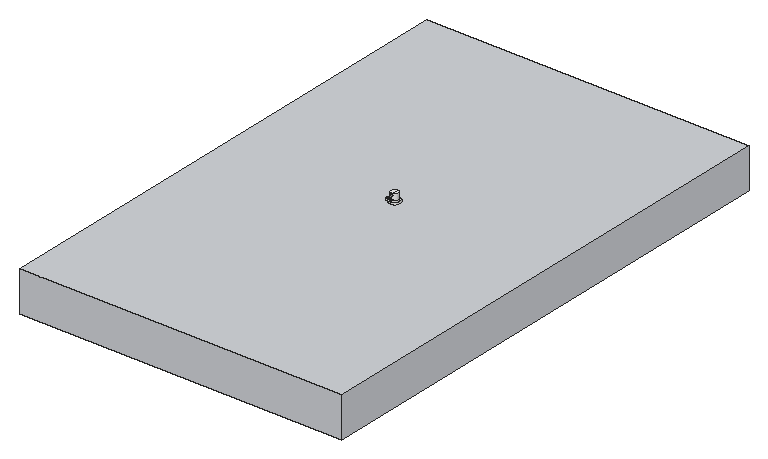
Revit family "Diverter_Trim-Grohe-Essence-29203_Series", category Plumbing Fixtures, host Face, Revit 2019
Family settings
  Host = Face
  Round Connector Dimension = Use Diameter
  Part Type = Normal
  OmniClass Number = 23.45.05.14.17
  OmniClass Title = Showers
  Cut with Voids When Loaded = No
  Shared = Yes
  Room Calculation Point = No
Parameters (values of type "29203001")
  Width = 3 1/8"
  Waste Connection = no
  Warranty Documentation Link = "https://cdn.cloud.grohe.com/tpi/1000/1900/1940/1949/1949006/original/1949006.pdf"
  WFU = 4  # constant formula
  Vent Connection = no
  URL = "https://www.grohe.us/"
  Type Comments = ""
  Tempered Connection Radius = Tempered Connection Diameter / 2  # 1/4"
  Tempered Connection Diameter = Hot Water Connection Diameter  # 1/2"
  Product Page URL = "https://www.grohe.us/Bath-Shower-Trim-Kits/Essence-3-Way-Diverter-Trim/CHROME-29203001"
  Product Documentation Link = "https://americanstandard.box.com/shared/static/0hylcjgl21bf97zv1kwsclqjvhpw0xq1.pdf"
  Price = "Prices may vary. Please consult Manufacturer Representative for most up-to-date price list."  # constant formula
  Model = "29203001"
  Material = "Metal-Grohe-001-StarLight Chrome"
  Manufacturer = "Grohe"
  Length = 2 5/8"
  Installation Type = "Wall Mounted"
  Hot Water Connection Radius = Hot Water Connection Diameter / 2  # 1/4"
  Hot Water Connection Diameter = Cold Water Connection Diameter  # 1/2"
  HWFU = 3  # constant formula
  HW Connection = yes
  Flow Rate = ""
  Finish = Metal-Grohe-001-StarLight Chrome
  Description = "Essence 3-Way Diverter"  # constant formula
  Default Elevation = 44"  # constant formula
  Creation Date = "09/05/2019"  # constant formula
  Cold Water Connection Radius = 1/4"  # constant formula
  Cold Water Connection Diameter = Cold Water Connection Radius * 2  # 1/2"
  CWFU = 3  # constant formula
  CW Connection = yes
  Assembly Code = "D2010710"
  ADA Compliant = no
Types (2): name | URL | Product Page URL | Product Documentation Link | Model | Material | Finish
  29203001 | "https://www.grohe.us/" | "https://www.grohe.us/Bath-Shower-Trim-Kits/Essence-3-Way-Diverter-Trim/CHROME-29203001" | "https://americanstandard.box.com/shared/static/0hylcjgl21bf97zv1kwsclqjvhpw0xq1.pdf" | "29203001" | "Metal-Grohe-001-StarLight Chrome" | Metal-Grohe-001-StarLight Chrome
  29203EN1 | "https://www.grohe.us/en_us/" | "https://www.grohe.us/Bath-Shower-Trim-Kits/Essence-3-Way-Diverter-Trim/BRUSHED-NICKEL-29203EN1" | "https://americanstandard.box.com/shared/static/suxdrja15s53bws6knximn3ouhcxz3ov.pdf" | "29203EN1" | "Metal-Grohe-EN1-Brushed Nickel" | Metal-Grohe-EN1-Brushed Nickel
Reference planes (in)
  plane 1 "Center (Front/Back)": y = 0
  plane 2: z = 0
  plane 3 "Center (Left/Right)": x = 0
  plane 4: y = -1.5625
  plane 5: y = 1.5625
  plane 6: z = 0.3125
  plane 7: z = 2.375
  plane 8: y = -3.1875
Forms (in)
  Extrusion 1, solid
    sketch origin (0, 0, 0) x (1, 0, 0) y (0, 1, 0)
      loop
        line (-48, 72) -> (-48, -79.70833) -> (48, -79.70833) -> (48, 72) -> (-48, 72)
    from 0 to -12
  Revolve 2, solid, material "Metal-Grohe-001-StarLight Chrome" <- "Finish"
    sketch origin (0, 0, 0) x (0, 1, 0) y (0, 0, 1)
      loop
        line (1.5625, 0) -> (1.5625, 0.3125)
        arc (1.5625, 0.3125) -> (1.29254, 0.31693) -> (1.02258, 0.32051) r 87.07732
        line (1.02258, 0.32051) -> (1.02258, 0.76334) -> (0.93125, 0.76334) -> (0.90171, 0.82667) -> (0.99841, 0.82667) -> (1.02258, 0.85084) -> (1.02258, 2.375) -> (0, 2.375) -> (0, 0) -> (1.5625, 0)
      axis (0, 2.375) -> (0, 0)
    angle from 0 to 360
  Extrusion 3, solid, material "Metal-Grohe-001-StarLight Chrome" <- "Finish"
    sketch origin (0, 0, 0) x (1, 0, 0) y (0, 1, 0)
      loop
        circle (-0.49522, 0) r 0.25
      loop
        circle (0.49522, 0) r 0.25
    from 0 to 0.0625
  Revolve 4, solid, material "Metal-Grohe-001-StarLight Chrome" <- "Finish"
    sketch origin (0, 0, -0.0625) x (0, 1, 0) y (0, 0, 1)
      loop
        line (0, 2.15482) -> (-2.21601, 2.15482)
        arc (-2.21601, 2.15482) -> (-2.34387, 2.16601) -> (-2.46785, 2.19923) r 0.73632
        line (-2.46785, 2.19923) -> (-2.51666, 2.21699)
        arc (-2.51666, 2.21699) -> (-2.61983, 2.24464) -> (-2.72623, 2.25395) r 0.61274
        line (-2.72623, 2.25395) -> (-3.16703, 2.25395)
        arc (-3.16703, 2.25395) -> (-3.18151, 2.24795) -> (-3.1875, 2.23348) r 0.02047
        line (-3.1875, 2.23348) -> (-3.1875, 2.01957) -> (0, 2.01957) -> (0, 2.15482)
      axis (-3.1875, 2.01957) -> (0, 2.01957)
    angle from 0 to 360
  Extrusion 5, solid, not visible
    sketch origin (0, 0, 0) x (0, 1, 0) y (0, 0, 1)
      loop
        circle (0, -0.63262) r 0.25
    from -1.4215 to 1.47216
  Extrusion 6, solid, not visible
    sketch origin (0, 0, 0) x (1, 0, 0) y (0, 0, 1)
      loop
        circle (0, -0.63262) r 0.25
    from -1.4215 to 1.47216
Cuts and joins
  joined: Revolve 2, Extrusion 3, Revolve 4
Lines and regions (in)
  Masking region 1
    outline origin (0, 0, 0) x (1, 0, 0) y (0, 0, 1)
      loop
        line (-1.02258, 2.375) -> (-1.02258, 0.85084) -> (-0.99841, 0.82667) -> (-0.90171, 0.82667) -> (-0.93125, 0.76334) -> (-1.02258, 0.76334) -> (-1.02258, 0.32051) -> (-1.5625, 0.3125) -> (-1.5625, 0) -> (1.5625, 0) -> (1.5625, 0.3125) -> (1.02258, 0.32051) -> (1.02258, 0.76334) -> (0.93125, 0.76334) -> (0.90171, 0.82667) -> (0.99841, 0.82667) -> (1.02258, 0.85084) -> (1.02258, 2.375) -> (-1.02258, 2.375)
  symbolic lines, detail levels medium+fine
    curve 1: line (1.02258, 0, 0.32051) -> (-1.02258, 0, 0.32051)
  symbolic lines, detail levels fine
    curve 2: line (0.93125, 0, 0.76334) -> (-0.93125, 0, 0.76334)
    curve 3: line (0.90171, 0, 0.82667) -> (-0.90171, 0, 0.82667)
    curve 4: line (1.02258, 0, 0.85084) -> (-1.02258, 0, 0.85084)
Dimensions and locks (in)
  plane 5 to plane 4 = 3 1/8"
  plane 5 to plane 8 = 4 3/4"
  "Hot Water Connection Diameter": diameter of Extrusion 3 sketch curve
  "Cold Water Connection Diameter": diameter of Extrusion 3 sketch curve
  aligned and locked: plane 2 to Extrusion 1
  aligned and locked: level to Extrusion 1
Automatic sketch dimensions
  Extrusion 1 sketch curve to Extrusion 1 sketch curve = 96"
  Extrusion 1 sketch curve to Extrusion 1 sketch curve = 151.70833"
  plane 1 "Center (Front/Back)" to Extrusion 3 sketch curve = 0"  (x2)
  Extrusion 3 sketch curve to plane 3 "Center (Left/Right)" = 0.49522"
  plane 3 "Center (Left/Right)" to Extrusion 3 sketch curve = 0.49522"
  Revolve 2 sketch curve to plane 1 "Center (Front/Back)" = 0"  (x2)
  Revolve 2 sketch curve to level = 0"
  Revolve 2 sketch curve to plane 7 = 0"
  Revolve 2 sketch curve to plane 5 = 0"
  Revolve 2 sketch curve to plane 6 = 0"
  Revolve 2 sketch curve to plane 1 "Center (Front/Back)" = 0.0002"
  Revolve 2 sketch curve to plane 5 = 0.66079"
  Revolve 2 sketch curve to Revolve 2 sketch curve = 0.02953"
  Revolve 2 sketch curve to Revolve 2 sketch curve = 0.06716"
  plane 6 to Revolve 2 sketch curve = 0.00801"
  Revolve 2 sketch curve to Revolve 2 sketch curve = 0.53992"
  Revolve 2 sketch curve to plane 5 = 0.53992"
  plane 6 to Revolve 2 sketch curve = 0.45084"
  Revolve 2 sketch curve to Revolve 2 sketch curve = 0.06333"
  Revolve 2 sketch curve to Revolve 2 sketch curve = 0.02417"
  Revolve 2 sketch curve to Revolve 2 sketch curve = 1/4"
  Revolve 2 sketch curve to Revolve 2 sketch curve = 1.73102"
  Revolve 4 sketch curve to plane 8 = 0"
  Revolve 4 sketch curve to plane 1 "Center (Front/Back)" = 0"
  Revolve 4 sketch curve to Revolve 4 sketch curve = 0.02047"
  Revolve 4 sketch curve to plane 8 = 0.46127"
  Revolve 4 sketch curve to Revolve 4 sketch curve = 0.20957"
  Revolve 4 sketch curve to Revolve 4 sketch curve = 0.04881"
  plane 4 to Revolve 4 sketch curve = 0.65351"
  level to Revolve 4 sketch curve = 1.5787"
  Revolve 4 sketch curve to Revolve 4 sketch curve = 0.37837"
  Revolve 4 sketch curve to Revolve 4 sketch curve = 0.51362"
  Revolve 4 sketch curve to Revolve 4 sketch curve = 0.04441"
  Revolve 4 sketch curve to Revolve 4 sketch curve = 0.01777"
  Revolve 4 sketch curve to Revolve 4 sketch curve = 0.07472"
  Revolve 4 sketch curve to Revolve 4 sketch curve = 0.02825"
  Revolve 4 sketch curve to Revolve 4 sketch curve = 0.17966"
  Extrusion 5 sketch curve to plane 1 "Center (Front/Back)" = 0"
  Extrusion 5 sketch curve to level = 0.63262"
  Extrusion 6 sketch curve to plane 3 "Center (Left/Right)" = 0"
  Extrusion 6 sketch curve to level = 0.63262"
  Masking region 1 sketch curve to level = 0"
  Masking region 1 sketch curve to plane 3 "Center (Left/Right)" = 1 9/16"
  level to Masking region 1 sketch curve = 0.32051"  (x2)
  Masking region 1 sketch curve to Masking region 1 sketch curve = 0.53992"  (x2)
  Masking region 1 sketch curve to Masking region 1 sketch curve = 0"
  Masking region 1 sketch curve to Masking region 1 sketch curve = 0.02417"  (x4)
  Masking region 1 sketch curve to Masking region 1 sketch curve = 0.09133"  (x2)
  Masking region 1 sketch curve to Masking region 1 sketch curve = 0.02953"  (x2)
  plane 3 "Center (Left/Right)" to Masking region 1 sketch curve = 0.90171"
  Masking region 1 sketch curve to Masking region 1 sketch curve = 0.06716"
  level to Masking region 1 sketch curve = 5/16"  (x2)
  Masking region 1 sketch curve to Masking region 1 sketch curve = 0.44283"  (x2)
  Masking region 1 sketch curve to Masking region 1 sketch curve = 0.06333"  (x2)
  Masking region 1 sketch curve to Masking region 1 sketch curve = 1.52416"
  level to curve 1 = 0.32051"
  curve 1 to plane 3 "Center (Left/Right)" = 1.02258"
  curve 4 to curve 1 = 0"
  curve 4 to curve 2 = 0.09133"
  curve 2 to curve 3 = 0.02953"
  plane 3 "Center (Left/Right)" to curve 3 = 0.90171"
  curve 3 to curve 2 = 0.02953"
  curve 3 to curve 4 = 0.12086"
  curve 2 to curve 1 = 0.09133"
  curve 1 to curve 2 = 0.44283"
  curve 2 to curve 3 = 0.06333"
  curve 3 to curve 4 = 0.02417"
  radius of Extrusion 5 sketch curve = 1/4"
  radius of Extrusion 6 sketch curve = 1/4"
Connectors (in)
  piping at (-1.4215, 0, -0.63262), diameter 0.5, driven by "Tempered Connection Diameter"
    settings: on Extrusion 5, index 1, connector inside diameter 24", connector length 0", flow factor 0, pipe flow 0 GPM, pressure drop 0.00 psi, fitting loss kfactor 0, connector angle 0.00°, fixture units 0, engagement length 0", angle of deflection 0.00°, flow configuration 0, flow direction 1, fitting loss method 0, system type 29, joint type 0, gender type 0, connector reference index -1, connector utility 0, adjustable connector no, is connector primary yes, connector description "1/2\" Supply Inlet"
  piping at (0, 1.4215, -0.63262), diameter 0.5, driven by "Tempered Connection Diameter"
    settings: on Extrusion 6, index 2, connector inside diameter 24", connector length 0", flow factor 0, pipe flow 0 GPM, pressure drop 0.00 psi, fitting loss kfactor 0, connector angle 0.00°, fixture units 0, engagement length 0", angle of deflection 0.00°, flow configuration 0, flow direction 2, fitting loss method 0, system type 29, joint type 0, gender type 0, connector reference index -1, connector utility 0, adjustable connector no, is connector primary no, connector description "1/2\" Shower Supply Outlet"
  piping at (1.47216, 0, -0.63262), diameter 0.5, driven by "Tempered Connection Diameter"
    settings: on Extrusion 5, index 3, connector inside diameter 24", connector length 0", flow factor 0, pipe flow 0 GPM, pressure drop 0.00 psi, fitting loss kfactor 0, connector angle 0.00°, fixture units 0, engagement length 0", angle of deflection 0.00°, flow configuration 0, flow direction 2, fitting loss method 0, system type 29, joint type 0, gender type 0, connector reference index -1, connector utility 0, adjustable connector no, is connector primary no, connector description "/2\" Handshower Supply Outlet"
  piping at (0, -1.47216, -0.63262), diameter 0.5, driven by "Tempered Connection Diameter"
    settings: on Extrusion 6, index 4, connector inside diameter 24", connector length 0", flow factor 0, pipe flow 0 GPM, pressure drop 0.00 psi, fitting loss kfactor 0, connector angle 0.00°, fixture units 0, engagement length 0", angle of deflection 0.00°, flow configuration 0, flow direction 2, fitting loss method 0, system type 29, joint type 0, gender type 0, connector reference index -1, connector utility 0, adjustable connector no, is connector primary no, connector description "1/2\" Spout Supply Outlet"
